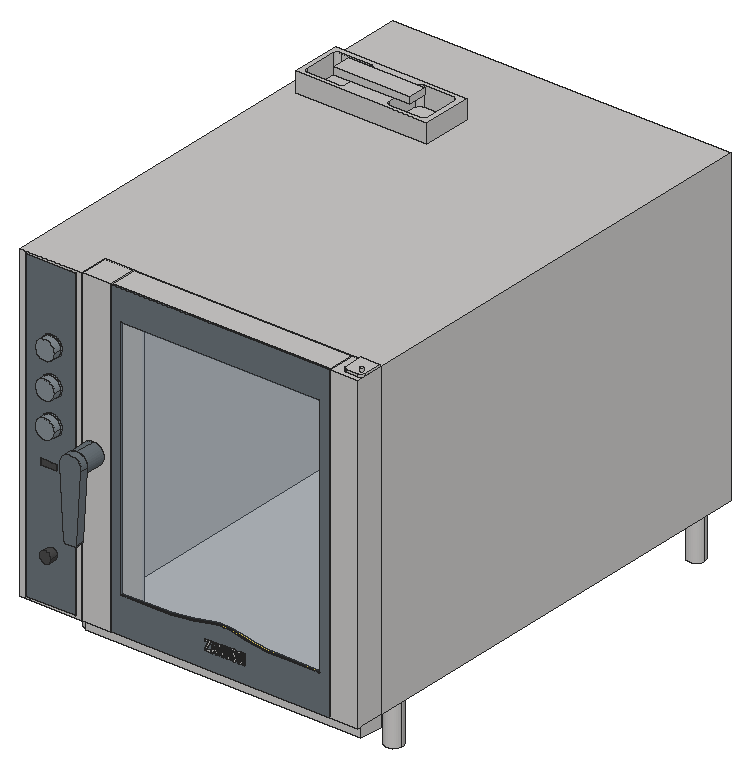
Revit family "QF_ZANUSSI_240476_ZFCG12CSAS", category Specialty Equipment, Revit 2023 (continued)
Definition of nested family "ZAN_DOOR_CROSSWISE_H820"
  Automatic sketch dimensions
    Extrusion 4 sketch curve to Extrusion 4 sketch curve = 2.07 mm  (x2)
    Extrusion 4 sketch curve to Extrusion 4 sketch curve = 1.298 mm  (x2)
    Extrusion 4 sketch curve to Extrusion 4 sketch curve = 1.366 mm  (x2)
    Extrusion 4 sketch curve to Extrusion 4 sketch curve = 0.362 mm  (x2)
    Extrusion 4 sketch curve to Extrusion 4 sketch curve = 0.15 mm  (x2)
    Extrusion 4 sketch curve to Extrusion 4 sketch curve = 0.726 mm  (x3)
    Extrusion 4 sketch curve to Extrusion 4 sketch curve = 0.409 mm  (x2)
    Extrusion 4 sketch curve to Extrusion 4 sketch curve = 1.432 mm  (x2)
    Extrusion 4 sketch curve to Extrusion 4 sketch curve = 2.132 mm  (x2)
    Extrusion 4 sketch curve to Extrusion 4 sketch curve = 2.415 mm  (x2)
    Extrusion 4 sketch curve to Extrusion 4 sketch curve = 2.892 mm  (x2)
    Extrusion 4 sketch curve to Extrusion 4 sketch curve = 4.969 mm
    Extrusion 4 sketch curve to Extrusion 4 sketch curve = 2.57 mm
    Extrusion 4 sketch curve to Extrusion 4 sketch curve = 0.116 mm
    Extrusion 4 sketch curve to Extrusion 4 sketch curve = 2.846 mm
    Extrusion 4 sketch curve to Extrusion 4 sketch curve = 4.422 mm  (x2)
    Extrusion 4 sketch curve to Extrusion 4 sketch curve = 1.773 mm
    Extrusion 4 sketch curve to Extrusion 4 sketch curve = 5.719 mm
    Extrusion 4 sketch curve to Extrusion 4 sketch curve = 3.505 mm
    Extrusion 4 sketch curve to Extrusion 4 sketch curve = 1.646 mm
    Extrusion 4 sketch curve to Extrusion 4 sketch curve = 0.109 mm
    Extrusion 4 sketch curve to Extrusion 4 sketch curve = 1.311 mm
    Extrusion 4 sketch curve to Extrusion 4 sketch curve = 6.224 mm
    Extrusion 4 sketch curve to Extrusion 4 sketch curve = 6.061 mm
    Extrusion 4 sketch curve to Extrusion 4 sketch curve = 5.967 mm
    Extrusion 4 sketch curve to Extrusion 4 sketch curve = 5.897 mm  (x2)
    Extrusion 4 sketch curve to Extrusion 4 sketch curve = 0.819 mm  (x3)
    Extrusion 4 sketch curve to Extrusion 4 sketch curve = 3.276 mm
    Extrusion 4 sketch curve to Extrusion 4 sketch curve = 0.856 mm
    Extrusion 4 sketch curve to Extrusion 4 sketch curve = 5.934 mm
    Extrusion 4 sketch curve to Extrusion 4 sketch curve = 6.716 mm
    Extrusion 4 sketch curve to Extrusion 4 sketch curve = 8.598 mm
    Extrusion 4 sketch curve to Extrusion 4 sketch curve = 7.535 mm
    Extrusion 4 sketch curve to Extrusion 4 sketch curve = 6.308 mm
    Extrusion 4 sketch curve to Extrusion 4 sketch curve = 1.217 mm
    Extrusion 4 sketch curve to Extrusion 4 sketch curve = 3.121 mm  (x2)
    Extrusion 5 sketch curve to plane 7 = 0 mm  (x2)
    Extrusion 5 sketch curve to plane 9 = 0 mm
    Extrusion 5 sketch curve to plane 16 = 0 mm
    Extrusion 5 sketch curve to plane 5 "Feet" = 0 mm
    plane 15 to Extrusion 5 sketch curve = 0 mm
    plane 13 to Extrusion 5 sketch curve = 0 mm
    plane 14 to Extrusion 5 sketch curve = 0 mm
    Extrusion 6 sketch curve to plane 7 = 0 mm
    Extrusion 6 sketch curve to plane 9 = 0 mm
    Extrusion 6 sketch curve to plane 16 = 0 mm
    plane 13 to Extrusion 6 sketch curve = 0 mm
    Extrusion 7 sketch curve to plane 4 "Top" = 0 mm
    Extrusion 7 sketch curve to plane 7 = 0 mm
    plane 15 to Extrusion 7 sketch curve = 0 mm
    Extrusion 7 sketch curve to plane 14 = 0 mm
    plane 5 "Feet" to Extrusion 10 sketch curve = 0 mm
    Extrusion 10 sketch curve to plane 1 "Center (Front/Back)" = 0 mm
    plane 6 "Front" to Extrusion 10 sketch curve = 10 mm
    Extrusion 10 sketch curve to Extrusion 10 sketch curve = 25 mm
    Extrusion 10 sketch curve to Extrusion 10 sketch curve = 29.545 mm
    plane 6 "Front" to Extrusion 11 sketch curve = 33.081 mm
    Extrusion 11 sketch curve to plane 3 "Center (Left/Right)" = 17.1 mm
    plane 1 "Center (Front/Back)" to Extrusion 12 sketch curve = 0 mm
    Extrusion 12 sketch curve to plane 3 "Center (Left/Right)" = 2.67 mm
    plane 6 "Front" to Extrusion 12 sketch curve = 25 mm  (x2)
    Extrusion 12 sketch curve to Extrusion 12 sketch curve = 10 mm
    Extrusion 12 sketch curve to Extrusion 12 sketch curve = 30 mm
    Extrusion 14 sketch curve to Extrusion 14 sketch curve = 0 mm  (x10)
    Extrusion 14 sketch curve to plane 4 "Top" = 59.547 mm  (x2)
    Extrusion 14 sketch curve to Extrusion 14 sketch curve = 19.857 mm  (x2)
    plane 16 to Extrusion 14 sketch curve = 75.313 mm  (x2)
    Extrusion 14 sketch curve to Extrusion 14 sketch curve = 0.426 mm  (x2)
    plane 16 to Extrusion 14 sketch curve = 72.277 mm  (x2)
    plane 5 "Feet" to Extrusion 14 sketch curve = 14.106 mm
    plane 13 to Extrusion 14 sketch curve = 38.728 mm
    plane 13 to Extrusion 14 sketch curve = 93.987 mm
    Extrusion 14 sketch curve to Extrusion 14 sketch curve = 1.078 mm  (x2)
    Extrusion 14 sketch curve to Extrusion 14 sketch curve = 20.088 mm  (x2)
    Extrusion 14 sketch curve to Extrusion 14 sketch curve = 0.669 mm
    plane 9 to Extrusion 14 sketch curve = 132.513 mm
    plane 9 to Extrusion 14 sketch curve = 125.32 mm
    plane 9 to Extrusion 14 sketch curve = 57.166 mm
    plane 16 to Extrusion 14 sketch curve = 93.896 mm
    Extrusion 14 sketch curve to Extrusion 14 sketch curve = 0.343 mm
    Extrusion 14 sketch curve to Extrusion 14 sketch curve = 0.346 mm
    Extrusion 14 sketch curve to Extrusion 14 sketch curve = 1.209 mm
    Extrusion 14 sketch curve to Extrusion 14 sketch curve = 5.816 mm  (x2)
    Extrusion 14 sketch curve to Extrusion 14 sketch curve = 5.779 mm
    Extrusion 14 sketch curve to Extrusion 14 sketch curve = 5.783 mm
    Extrusion 15 sketch curve to Extrusion 15 sketch curve = 0 mm  (x13)
    Extrusion 15 sketch curve to plane 9 = 0 mm
    plane 13 to Extrusion 15 sketch curve = 0 mm
    Extrusion 15 sketch curve to plane 4 "Top" = 59.547 mm  (x2)
    plane 8 to Extrusion 15 sketch curve = 0.808 mm  (x2)
    plane 17 to Extrusion 15 sketch curve = 113.011 mm  (x2)
    Extrusion 15 sketch curve to Extrusion 15 sketch curve = 0.173 mm  (x2)
    Extrusion 15 sketch curve to Extrusion 15 sketch curve = 19.857 mm  (x2)
    Extrusion 15 sketch curve to Extrusion 15 sketch curve = 19.97 mm  (x2)
    plane 16 to Extrusion 15 sketch curve = 75.313 mm  (x2)
    Extrusion 15 sketch curve to Extrusion 15 sketch curve = 0.426 mm  (x2)
    Extrusion 15 sketch curve to Extrusion 15 sketch curve = 2.497 mm  (x2)
    Extrusion 15 sketch curve to Extrusion 15 sketch curve = 2.422 mm  (x2)
    plane 16 to Extrusion 15 sketch curve = 72.277 mm  (x2)
    plane 5 "Feet" to Extrusion 15 sketch curve = 14.106 mm
    Extrusion 15 sketch curve to Extrusion 15 sketch curve = 14.485 mm
    Extrusion 15 sketch curve to Extrusion 15 sketch curve = 15.571 mm
    Extrusion 15 sketch curve to level = 90.354 mm
    plane 13 to Extrusion 15 sketch curve = 172.943 mm
    Extrusion 15 sketch curve to Extrusion 15 sketch curve = 250.632 mm
    plane 13 to Extrusion 15 sketch curve = 38.728 mm
    plane 13 to Extrusion 15 sketch curve = 66.611 mm
    Extrusion 15 sketch curve to Extrusion 15 sketch curve = 79.596 mm
    Extrusion 15 sketch curve to Extrusion 15 sketch curve = 14.39 mm
    Extrusion 15 sketch curve to Extrusion 15 sketch curve = 0.048 mm  (x2)
    plane 13 to Extrusion 15 sketch curve = 105.804 mm
    Extrusion 15 sketch curve to Extrusion 15 sketch curve = 1.078 mm  (x2)
    Extrusion 15 sketch curve to Extrusion 15 sketch curve = 1.817 mm
    Extrusion 15 sketch curve to Extrusion 15 sketch curve = 0.955 mm  (x2)
    Extrusion 15 sketch curve to Extrusion 15 sketch curve = 20.088 mm
    Extrusion 15 sketch curve to Extrusion 15 sketch curve = 0.061 mm  (x2)
    plane 13 to Extrusion 15 sketch curve = 221.698 mm
    Extrusion 15 sketch curve to Extrusion 15 sketch curve = 28.998 mm
    Extrusion 15 sketch curve to Extrusion 15 sketch curve = 2.06 mm
    Extrusion 15 sketch curve to Extrusion 15 sketch curve = 0.191 mm
    Extrusion 15 sketch curve to Extrusion 15 sketch curve = 0.669 mm
    Extrusion 15 sketch curve to Extrusion 15 sketch curve = 1.051 mm
    Extrusion 15 sketch curve to Extrusion 15 sketch curve = 5.17 mm
    Extrusion 15 sketch curve to Extrusion 15 sketch curve = 63.165 mm
    Extrusion 15 sketch curve to Extrusion 15 sketch curve = 160.676 mm
    plane 9 to Extrusion 15 sketch curve = 132.574 mm
    plane 9 to Extrusion 15 sketch curve = 126.275 mm
    Extrusion 15 sketch curve to Extrusion 15 sketch curve = 0.216 mm
    Extrusion 15 sketch curve to Extrusion 15 sketch curve = 20.101 mm
    Extrusion 15 sketch curve to Extrusion 15 sketch curve = 14.439 mm
    plane 9 to Extrusion 15 sketch curve = 85.049 mm
    plane 9 to Extrusion 15 sketch curve = 57.166 mm
    plane 16 to Extrusion 15 sketch curve = 93.896 mm
    Extrusion 15 sketch curve to Extrusion 15 sketch curve = 0.343 mm
    Extrusion 15 sketch curve to Extrusion 15 sketch curve = 0.346 mm
    Extrusion 15 sketch curve to Extrusion 15 sketch curve = 1.209 mm
    Extrusion 15 sketch curve to Extrusion 15 sketch curve = 2.747 mm
    Extrusion 15 sketch curve to Extrusion 15 sketch curve = 2.745 mm  (x2)
    Extrusion 15 sketch curve to Extrusion 15 sketch curve = 2.666 mm
    Extrusion 15 sketch curve to Extrusion 15 sketch curve = 2.667 mm
    Extrusion 15 sketch curve to Extrusion 15 sketch curve = 5.816 mm  (x2)
    Extrusion 15 sketch curve to Extrusion 15 sketch curve = 2.231 mm
    Extrusion 15 sketch curve to Extrusion 15 sketch curve = 5.779 mm
    Extrusion 15 sketch curve to Extrusion 15 sketch curve = 5.783 mm
    Extrusion 15 sketch curve to Extrusion 15 sketch curve = 2.602 mm
    Extrusion 15 sketch curve to Extrusion 15 sketch curve = 2.603 mm
    Extrusion 2 sketch curve to plane 4 "Top" = 0 mm
    Extrusion 2 sketch curve to plane 8 = 0 mm
    Extrusion 2 sketch curve to plane 9 = 0 mm
    Extrusion 2 sketch curve to plane 5 "Feet" = 0 mm
    plane 8 to Extrusion 2 sketch curve = 0.808 mm  (x2)
    plane 17 to Extrusion 2 sketch curve = 113.011 mm  (x2)
    Extrusion 2 sketch curve to Extrusion 2 sketch curve = 40 mm  (x2)
    plane 16 to Extrusion 2 sketch curve = 72.816 mm
    Extrusion 2 sketch curve to Extrusion 2 sketch curve = 0.351 mm  (x2)
    plane 16 to Extrusion 2 sketch curve = 72.277 mm
    Extrusion 2 sketch curve to Extrusion 2 sketch curve = 0.187 mm  (x2)
    plane 5 "Feet" to Extrusion 2 sketch curve = 51.274 mm
    Extrusion 2 sketch curve to Extrusion 2 sketch curve = 0 mm  (x5)
    Extrusion 2 sketch curve to Extrusion 2 sketch curve = 15.473 mm
    plane 9 to Extrusion 2 sketch curve = 191.381 mm
    Extrusion 2 sketch curve to level = 340.986 mm
    plane 15 to Extrusion 2 sketch curve = 0 mm
    plane 13 to Extrusion 2 sketch curve = 66.611 mm
    plane 13 to Extrusion 2 sketch curve = 79.596 mm
    Extrusion 2 sketch curve to Extrusion 2 sketch curve = 14.439 mm  (x2)
    plane 13 to Extrusion 2 sketch curve = 107.621 mm
    Extrusion 2 sketch curve to Extrusion 2 sketch curve = 0.216 mm  (x2)
    Extrusion 2 sketch curve to Extrusion 2 sketch curve = 20.101 mm  (x2)
    Extrusion 2 sketch curve to Extrusion 2 sketch curve = 160.676 mm
    Extrusion 2 sketch curve to Extrusion 2 sketch curve = 137.516 mm
    Extrusion 2 sketch curve to Extrusion 2 sketch curve = 1.285 mm
    Extrusion 2 sketch curve to Extrusion 2 sketch curve = 0.691 mm
    Extrusion 2 sketch curve to Extrusion 2 sketch curve = 3.257 mm
    plane 9 to Extrusion 2 sketch curve = 132.574 mm
    plane 9 to Extrusion 2 sketch curve = 126.275 mm
    plane 9 to Extrusion 2 sketch curve = 85.049 mm
    Extrusion 2 sketch curve to plane 14 = 0 mm
    plane 16 to Extrusion 2 sketch curve = 90.843 mm
    Extrusion 2 sketch curve to Extrusion 2 sketch curve = 0.408 mm
    Extrusion 2 sketch curve to Extrusion 2 sketch curve = 0.411 mm
    Extrusion 2 sketch curve to Extrusion 2 sketch curve = 0.755 mm
    Extrusion 2 sketch curve to Extrusion 2 sketch curve = 0.758 mm
    Extrusion 2 sketch curve to Extrusion 2 sketch curve = 5.38 mm
    Extrusion 2 sketch curve to Extrusion 2 sketch curve = 6.15 mm
    Extrusion 2 sketch curve to Extrusion 2 sketch curve = 6.154 mm
    plane 13 to Extrusion 2 sketch curve = 0 mm
    plane 17 to Extrusion 14 sketch curve = 112.838 mm  (x2)
    Extrusion 14 sketch curve to level = 90.354 mm
    Extrusion 14 sketch curve to plane 3 "Center (Left/Right)" = 205.804 mm
    Extrusion 14 sketch curve to plane 3 "Center (Left/Right)" = 321.698 mm
    Extrusion 14 sketch curve to Extrusion 14 sketch curve = 138.871 mm
    Extrusion 14 sketch curve to Extrusion 14 sketch curve = 63.165 mm
    Extrusion 8 sketch curve to plane 17 = 0 mm
    Extrusion 8 sketch curve to plane 18 = 0 mm
    plane 18 to Extrusion 8 sketch curve = 11.817 mm
    Extrusion 8 sketch curve to Extrusion 8 sketch curve = 4.988 mm
    Extrusion 8 sketch curve to plane 17 = 1.756 mm
    Extrusion 8 sketch curve to plane 12 = 19.055 mm
    Extrusion 8 sketch curve to plane 18 = 11.817 mm
    Extrusion 8 sketch curve to Extrusion 8 sketch curve = 4.99 mm
    Extrusion 8 sketch curve to Extrusion 8 sketch curve = 176.899 mm
    Extrusion 8 sketch curve to Extrusion 8 sketch curve = 0 mm
    Extrusion 8 sketch curve to Extrusion 8 sketch curve = 0.313 mm
    Extrusion 8 sketch curve to plane 11 = 0.013 mm
    plane 1 "Center (Front/Back)" to curve 5 = 0 mm
    curve 8 to plane 3 "Center (Left/Right)" = 0 mm
    curve 14 to plane 3 "Center (Left/Right)" = 2.67 mm
    curve 12 to plane 3 "Center (Left/Right)" = 12.67 mm
    curve 16 to curve 13 = 4.431 mm
    curve 15 to curve 11 = 10 mm
    curve 4 to plane 12 = 11.987 mm
    curve 3 to plane 11 = 0.013 mm
    curve 6 to plane 11 = 0.004 mm
    curve 3 to curve 2 = 74.533 mm
    curve 13 to curve 16 = 8.081 mm
    curve 10 to plane 10 = 0 mm
    plane 9 to curve 9 = 0 mm
    curve 3 to curve 1 = 20 mm
    Extrusion 13 sketch curve to plane 6 "Front" = 0 mm
    Extrusion 13 sketch curve to plane 3 "Center (Left/Right)" = 0 mm
    Extrusion 13 sketch curve to plane 3 "Center (Left/Right)" = 17.33 mm
    plane 6 "Front" to Extrusion 13 sketch curve = 22.83 mm
    plane 11 to Extrusion 13 sketch curve = 0.004 mm
    curve 15 to plane 10 = 22.33 mm
    curve 3 to plane 6 "Front" = 75 mm
    plane 6 "Front" to curve 12 = 15 mm
    curve 18 to plane 6 "Front" = 0 mm
    curve 18 to plane 3 "Center (Left/Right)" = 0 mm
    curve 18 to curve 13 = 4.66 mm
    curve 18 to curve 13 = 2.17 mm
    curve 17 to curve 7 = 672.575 mm
    plane 11 to curve 18 = 0.004 mm
    radius of Extrusion 9 sketch curve = 28 mm
    radius of Extrusion 11 sketch curve = 5 mm
    radius of curve 16 = 5 mm
